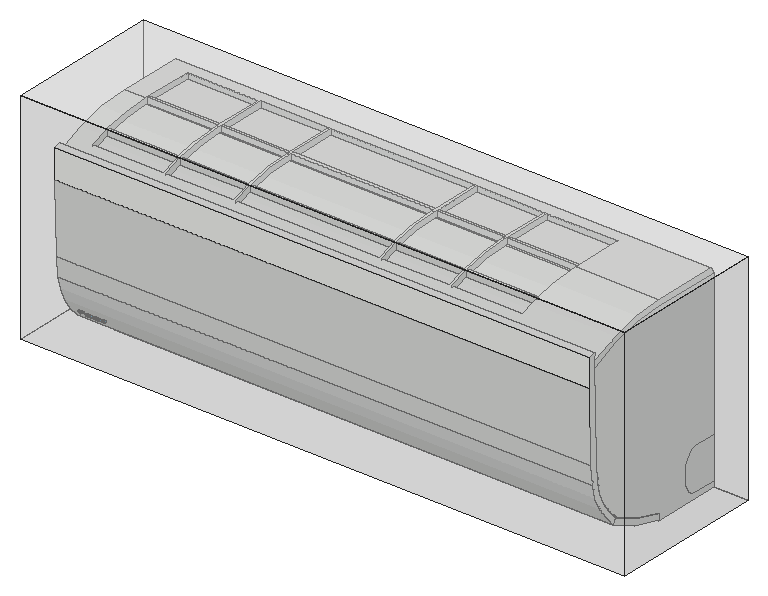
Revit family "outputfile", category 機械設備, Revit 2024 (continued)
Definition of nested family "DAIKIN_indoorunit_FTKF-TVMA"
  Automatic sketch dimensions
    Extrusion 22 sketch curve to plane 1 "Center (Front/Back)" = 0.0 mm
    Extrusion 22 sketch curve to Extrusion 22 sketch curve = 20.0 mm  (x2)
    Extrusion 22 sketch curve to level = 287.035 mm
    Extrusion 23 sketch curve to plane 1 "Center (Front/Back)" = 0.0 mm
    Extrusion 23 sketch curve to Extrusion 23 sketch curve = 20.0 mm  (x2)
    Extrusion 23 sketch curve to level = 287.035 mm
    plane 1 "Center (Front/Back)" to Extrusion 24 sketch curve = 0.0 mm  (x2)
    plane 3 "Center (Left/Right)" to Extrusion 24 sketch curve = 469.0 mm
    Extrusion 24 sketch curve to Extrusion 24 sketch curve = 20.0 mm  (x4)
    Extrusion 24 sketch curve to plane 3 "Center (Left/Right)" = 409.0 mm
  Nested families
    nested 1: "daikin_logo_plane_w40" at (-320, -198.871, -233.244) x (1, 0, 0) z (0, -0.7841, -0.6206), visible <- "switch_unit1_20-50", type "daikin_logo_plane_w40"
      with show_logo yes
    nested 2: "daikin_logo_plane_w40" at (-430, -237.74, -233.244) x (1, 0, 0) z (0, -0.7841, -0.6206), visible <- "switch_unit1_60-71", type "daikin_logo_plane_w40"
      with show_logo yes
  Definition of nested family "daikin_logo_plane_w40"
    Parameters (values of type "daikin_logo_plane_w40")
      width = 40.0 mm
      show_logo [instance] = yes
      material = none
      height = 0.0 mm
      depth = 0.0 mm
      Default Elevation = 1219.2 mm
    Reference planes
      plane 1 "Center (Front/Back)": y = 0
      plane 2: z = 0
      plane 3 "Center (Left/Right)": x = 0
      plane 4: z = 2
      plane 5 "left": x = -19
      plane 6: x = 19
    Forms (mm)
      Extrusion 1, solid, visible <- "show_logo"
        sketch origin (-19, 0, 0) x (1, 0, 0) y (0, 1, 0)
          loop
            line (8.902, -1.878) -> (7.789, -6.332) -> (11.13, -6.332)
            arc (11.13, -6.332) -> (12.454, -6.064) -> (13.472, -5.176) r 2.642
            arc (13.472, -5.176) -> (13.92, -4.02) -> (13.767, -2.79) r 2.537
            arc (13.767, -2.79) -> (13.452, -2.342) -> (12.982, -2.06) r 1.321
            arc (12.982, -2.06) -> (12.063, -1.902) -> (11.13, -1.878) r 6.479
            line (11.13, -1.878) -> (8.902, -1.878)
          loop
            line (10.016, -5.441) -> (10.907, -5.441)
            arc (10.907, -5.441) -> (11.591, -4.983) -> (11.988, -4.261) r 1.742
            spline (11.988, -4.261) -> (12.01, -4.155) -> (12.027, -4.03) -> (12.037, -3.893) -> (12.037, -3.747) -> (12.026, -3.598) -> (12.002, -3.451) -> (11.962, -3.31) -> (11.905, -3.181) -> (11.829, -3.069) -> (11.731, -2.978) -> (11.61, -2.913) -> (11.464, -2.88)
            line (11.464, -2.88) -> (10.573, -2.88) -> (10.016, -5.441)
          loop
            line (13.58, -6.332) -> (14.805, -6.332) -> (15.223, -5.553) -> (16.977, -5.553) -> (17.144, -6.332) -> (19.149, -6.332) -> (18.258, -1.878) -> (16.03, -1.878) -> (13.58, -6.332)
          loop
            line (16.476, -3.214) -> (15.76, -4.551) -> (16.762, -4.551) -> (16.476, -3.214)
          loop
            line (19.705, -6.332) -> (21.599, -6.332) -> (22.712, -1.878) -> (20.819, -1.878) -> (19.705, -6.332)
          loop
            line (22.712, -6.332) -> (24.606, -6.332) -> (24.908, -5.122) -> (25.831, -6.332) -> (28.17, -6.332) -> (26.388, -3.994) -> (28.949, -1.878) -> (26.945, -1.878) -> (25.401, -3.153) -> (25.719, -1.878) -> (23.826, -1.878) -> (22.712, -6.332)
          loop
            line (29.84, -1.878) -> (28.615, -6.332) -> (30.62, -6.332) -> (31.734, -1.878) -> (29.84, -1.878)
          loop
            line (31.734, -6.332) -> (33.07, -6.332) -> (33.7, -3.814) -> (34.518, -6.332) -> (36.745, -6.332) -> (37.859, -1.878) -> (36.523, -1.878) -> (35.845, -4.589) -> (34.963, -1.878) -> (32.847, -1.878) -> (31.734, -6.332)
        from 0 to 2
      Extrusion 2, solid, visible <- "show_logo"
        sketch origin (-19, 0, 0) x (1, 0, 0) y (0, 1, 0)
          loop
            line (8.7, 0) -> (4.235, 0) -> (0, -3.879) -> (0, -8) -> (8.7, 0)
        from 0 to 2
      Extrusion 3, solid, visible <- "show_logo"
        sketch origin (-19, 0, 0) x (1, 0, 0) y (0, 1, 0)
          loop
            line (0, 0) -> (0, -3.879) -> (4.235, 0) -> (0, 0)
        from 0 to 2
    Dimensions and locks
      plane 4 to plane 2 = 2.0 mm
      equal spacing: plane 5 "left", plane 3 "Center (Left/Right)", plane 6
      locked: plane 5 "left" to plane 6 at 38
      aligned and locked: level to plane 2
      aligned and locked: Extrusion 3 to plane 1 "Center (Front/Back)"  (x2)
      aligned and locked: Extrusion 2 to plane 1 "Center (Front/Back)"  (x2)
      aligned and locked: plane 4 to Extrusion 1
      aligned and locked: plane 4 to Extrusion 3
      aligned and locked: plane 4 to Extrusion 2
      aligned and locked: Extrusion 3 to plane 5 "left"
      aligned and locked: Extrusion 2 to plane 5 "left"
    Automatic sketch dimensions
      Extrusion 1 sketch curve to Extrusion 1 sketch curve = 0.901 mm
      Extrusion 1 sketch curve to Extrusion 1 sketch curve = 1.559 mm
      Extrusion 1 sketch curve to Extrusion 1 sketch curve = 1.327 mm
      Extrusion 1 sketch curve to Extrusion 1 sketch curve = 2.145 mm
      Extrusion 1 sketch curve to Extrusion 1 sketch curve = 1.448 mm
      Extrusion 1 sketch curve to Extrusion 1 sketch curve = 2.116 mm
      Extrusion 1 sketch curve to Extrusion 1 sketch curve = 1.114 mm  (x4)
      Extrusion 1 sketch curve to Extrusion 1 sketch curve = 1.336 mm  (x2)
      plane 1 "Center (Front/Back)" to Extrusion 1 sketch curve = 1.878 mm  (x5)
      Extrusion 1 sketch curve to Extrusion 1 sketch curve = 1.893 mm  (x5)
      Extrusion 1 sketch curve to Extrusion 1 sketch curve = 0.891 mm  (x4)
      Extrusion 1 sketch curve to Extrusion 1 sketch curve = 2.005 mm  (x3)
      Extrusion 1 sketch curve to Extrusion 1 sketch curve = 0.445 mm  (x2)
      plane 1 "Center (Front/Back)" to Extrusion 1 sketch curve = 3.994 mm
      Extrusion 1 sketch curve to Extrusion 1 sketch curve = 0.557 mm  (x2)
      Extrusion 1 sketch curve to Extrusion 1 sketch curve = 2.339 mm  (x2)
      Extrusion 1 sketch curve to Extrusion 1 sketch curve = 1.225 mm  (x3)
      plane 1 "Center (Front/Back)" to Extrusion 1 sketch curve = 3.153 mm
      Extrusion 1 sketch curve to Extrusion 1 sketch curve = 0.987 mm
      plane 1 "Center (Front/Back)" to Extrusion 1 sketch curve = 5.122 mm
      Extrusion 1 sketch curve to Extrusion 1 sketch curve = 0.922 mm
      plane 1 "Center (Front/Back)" to Extrusion 1 sketch curve = 6.332 mm
      Extrusion 1 sketch curve to Extrusion 1 sketch curve = 2.562 mm
      plane 1 "Center (Front/Back)" to Extrusion 1 sketch curve = 5.553 mm
      Extrusion 1 sketch curve to Extrusion 1 sketch curve = 0.167 mm
      Extrusion 1 sketch curve to Extrusion 1 sketch curve = 0.215 mm
      plane 1 "Center (Front/Back)" to Extrusion 1 sketch curve = 3.214 mm
      Extrusion 1 sketch curve to Extrusion 1 sketch curve = 0.286 mm
      plane 1 "Center (Front/Back)" to Extrusion 1 sketch curve = 4.551 mm
      Extrusion 1 sketch curve to Extrusion 1 sketch curve = 1.002 mm
      Extrusion 1 sketch curve to Extrusion 1 sketch curve = 0.537 mm
      Extrusion 1 sketch curve to Extrusion 1 sketch curve = 0.418 mm
      Extrusion 1 sketch curve to Extrusion 1 sketch curve = 1.028 mm
      plane 1 "Center (Front/Back)" to Extrusion 1 sketch curve = 4.261 mm
      Extrusion 1 sketch curve to Extrusion 1 sketch curve = 0.563 mm
      plane 1 "Center (Front/Back)" to Extrusion 1 sketch curve = 2.88 mm
      Extrusion 1 sketch curve to Extrusion 1 sketch curve = 1.088 mm
      Extrusion 1 sketch curve to Extrusion 1 sketch curve = 2.152 mm
      Extrusion 1 sketch curve to Extrusion 1 sketch curve = 0.586 mm
      Extrusion 1 sketch curve to Extrusion 1 sketch curve = 0.118 mm
      Extrusion 1 sketch curve to Extrusion 1 sketch curve = 0.298 mm
      Extrusion 1 sketch curve to Extrusion 1 sketch curve = 0.334 mm
      Extrusion 1 sketch curve to Extrusion 1 sketch curve = 0.223 mm
      Extrusion 1 sketch curve to Extrusion 1 sketch curve = 0.266 mm
      Extrusion 1 sketch curve to Extrusion 1 sketch curve = 1.671 mm
      Extrusion 1 sketch curve to Extrusion 1 sketch curve = 2.227 mm
      Extrusion 1 sketch curve to Extrusion 1 sketch curve = 0.0 mm  (x7)
      Extrusion 1 sketch curve to Extrusion 1 sketch curve = 3.453 mm
      Extrusion 1 sketch curve to Extrusion 1 sketch curve = 2.017 mm
      Extrusion 1 sketch curve to Extrusion 1 sketch curve = 0.78 mm  (x2)
      Extrusion 1 sketch curve to Extrusion 1 sketch curve = 1.743 mm
      Extrusion 1 sketch curve to Extrusion 1 sketch curve = 0.775 mm
      Extrusion 1 sketch curve to Extrusion 1 sketch curve = 0.552 mm
      Extrusion 1 sketch curve to Extrusion 1 sketch curve = 0.014 mm
      Extrusion 1 sketch curve to Extrusion 1 sketch curve = 0.952 mm
      Extrusion 1 sketch curve to Extrusion 1 sketch curve = 1.215 mm
      Extrusion 1 sketch curve to Extrusion 1 sketch curve = 0.108 mm
      plane 1 "Center (Front/Back)" to Extrusion 2 sketch curve = 0.0 mm
      Extrusion 2 sketch curve to plane 3 "Center (Left/Right)" = 19.0 mm
      Extrusion 2 sketch curve to plane 3 "Center (Left/Right)" = 14.765 mm
      Extrusion 2 sketch curve to Extrusion 2 sketch curve = 4.465 mm
      plane 1 "Center (Front/Back)" to Extrusion 2 sketch curve = 3.879 mm
      Extrusion 2 sketch curve to Extrusion 2 sketch curve = 4.12 mm
      plane 1 "Center (Front/Back)" to Extrusion 3 sketch curve = 0.0 mm
      Extrusion 3 sketch curve to plane 3 "Center (Left/Right)" = 19.0 mm
      Extrusion 3 sketch curve to plane 3 "Center (Left/Right)" = 14.765 mm
      plane 1 "Center (Front/Back)" to Extrusion 3 sketch curve = 3.879 mm
      Extrusion 1 sketch curve to plane 3 "Center (Left/Right)" = 11.211 mm
      Extrusion 1 sketch curve to Extrusion 1 sketch curve = 1.782 mm
Definition of nested family "daikin_connector_rotate3"
  Parameters (values of type "daikin_connector_rotate3")
    show [instance] = yes
    radius [instance] = 10.0 mm
    length [instance] = 600.0 mm
    angle_horizontal [instance] = 60.00°
    angle_vertical [instance] = 90.00°
    Default Elevation = 1219.2 mm
  Reference planes
    plane 1 "Center (Front/Back)": y = 0
    plane 2: z = 0
    plane 3 "Center (Left/Right)": x = 0
  Dimensions and locks
    "angle_horizontal": angle plane 3 "Center (Left/Right)" to nested 1
    aligned and locked: level to plane 2
    aligned and locked: plane 1 "Center (Front/Back)" to nested 1  (x2)
    aligned and locked: plane 3 "Center (Left/Right)" to nested 1
  Nested families
    nested 1: "daikin_connector_rotate2" at (0, 0, 0) x (0.5, 0.866, 0) z (0, 0, 1), angle_vertical <- "angle_vertical", length <- "length", radius <- "radius", type "daikin_connector_rotate2"
      with radius 10.0 mm, length 600.0 mm, angle_vertical 90.00°
  Definition of nested family "daikin_connector_rotate2"
    Parameters (values of type "daikin_connector_rotate2")
      show_face = yes
      radius [instance] = 10.0 mm
      length [instance] = 600.0 mm
      d_surface = 10.0 mm
      angle_vertical [instance] = 90.00°
      Default Elevation = 0.0 mm
    Reference planes
      plane 1 "Center (Front/Back)": y = 0
      plane 2: z = 0
      plane 3 "Center (Left/Right)": x = 0
    Forms (mm)
      Extrusion 1, solid, visible <- "show_face"
        sketch origin (0, -600, 0) x (1, 0, 0) y (0, 0, 1)
          loop
            circle (0, 0) r 10
        from 0 to -10
    Lines and regions (mm)
      reference lines
        curve 1: line (0, 0, 0) -> (0, -600, 0)
      symbolic lines
        curve 2: circle (0, 0, 0) r 5 normal (0, 0, 1)
      model lines, visible <- "show_face"
        curve 3: line (0, 0, 0) -> (0, -600, 0)
    Dimensions and locks
      "length": curve 1 to curve 1
      "length": curve 3 to curve 3
      "d_surface": Extrusion 1 to Extrusion 1
      "radius": radius of Extrusion 1 sketch curve
      "angle_vertical": angle curve 1 to plane 1 "Center (Front/Back)"
      "angle_vertical": angle curve 3 to plane 1 "Center (Front/Back)"
      aligned and locked: level to plane 2
      aligned and locked: plane 1 "Center (Front/Back)" to curve 1
      aligned and locked: plane 2 to curve 1
      aligned and locked: plane 1 "Center (Front/Back)" to curve 2
      aligned and locked: plane 3 "Center (Left/Right)" to curve 2
      aligned and locked: plane 1 "Center (Front/Back)" to curve 3
      aligned and locked: plane 2 to curve 3
      aligned and locked: Extrusion 1 to Extrusion 1
    Automatic sketch dimensions
      Extrusion 1 sketch curve to level = 0.0 mm
      Extrusion 1 sketch curve to plane 3 "Center (Left/Right)" = 0.0 mm
      radius of curve 2 = 5.0 mm
